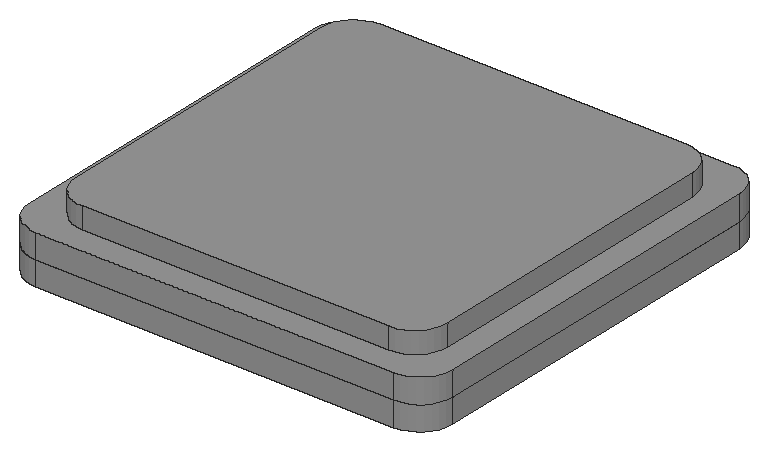
Revit family "FMS2_63_UN_Surface-mounted_ETK", category Lighting Fixtures, Revit 2019 (continued)
Definition of nested family "FMS.2 - Lightsource"
  Types (14, lengths in mm): name | Wattage Comments | Wattage | built-in parameter 1150134 | Photometric Web File | built-in parameter 1150142 | built-in parameter 1150105 | Lumens | built-in parameter 1150107 | built-in parameter 1150106 | Apparent Load
      9.8638\t927.0018\t924.426\t921.564\t918.702\t915.84\r\n912.978\t909.8298\t906.9678\t903.2472\t898.668\t894.375\t889.7958\t885.5028\t881.2098\t876.6306\r\n872.3376\t867.7584\t863.4654\t859.1724\t854.5932\t850.3002\t846.0072\t841.428\t837.135\t832.5558\r\n828.2628\t823.6836\t819.3906\t814.8114\t809.0874\t803.3634\t797.6394\t791.9154\t786.1914\t780.4674\r\n774.4572\t768.7332\t762.723\t756.999\t750.9888\t745.2648\t739.5408\t733.8168\t728.0928\t722.0826\r\n716.3586\t710.9208\t705.1968\t699.1866\t692.8902\t686.0214\t679.1526\t672.2838\t665.415\t658.8324\r\n651.9636\t645.0948\t638.226\t631.3572\t624.4884\t617.6196\t610.7508\t603.882\t597.0132\t590.4306\r\n583.5618\t576.693\t569.8242\t562.9554\t555.5142\t548.073\t540.3456\t532.9044\t525.177\t517.7358\r\n510.0084\t502.281\t494.8398\t487.1124\t479.6712\t471.9438\t464.5026\t456.7752\t449.334\t441.8928\r\n434.1654\t426.7242\t419.283\t411.5556\t403.542\t395.5284\t387.5148\t379.5012\t371.4876\t363.474\r\n355.4604\t347.1606\t339.147\t331.1334\t323.1198\t315.1062\t307.0926\t299.079\t291.0654\t283.0232\r\n275.0382\t267.0246\t259.011\t251.5698\t244.3003\t237.0308\t229.7614\t222.4919\t215.251\t208.0102\r\n200.7407\t193.4998\t186.259\t179.0181\t171.8059\t164.565\t157.3528\t150.1119\t142.8997\t135.6874\r\n128.4752\t121.2343\t109.5287\t96.7928\t84.0569\t71.321\t58.5851\t45.8492\t33.1133\t20.3774\r\n7.6444\t0\t0\t0\t0\t0\t0\t0\t0\t0\r\n0\r\n985.6728\t984.8142\t983.9556\t982.8108\t981.9522\t981.0936\t979.9488\t979.0902\t978.2316\t977.373\r\n976.5144\t975.3696\t974.511\t973.3662\t972.5076\t971.649\t970.5042\t969.6456\t968.787\t967.9284\r\n966.7836\t965.3526\t962.7768\t960.201\t957.339\t954.7632\t951.9012\t949.0392\t946.1772\t943.6014\r\n940.7394\t938.1636\t935.3016\t932.4396\t929.8638\t927.0018\t924.426\t921.564\t918.9882\t916.1262\r\n913.5504\t910.6884\t906.9678\t902.6748\t898.3818\t894.0888\t889.7958\t885.5028\t881.2098\t876.6306\r\n872.3376\t868.0446\t863.4654\t859.1724\t854.8794\t850.5864\t846.0072\t841.7142\t837.4212\t832.842\r\n828.549\t824.256\t819.3906\t813.6666\t807.9426\t802.5048\t796.7808\t791.0568\t785.3328\t779.895\r\n774.171\t768.447\t762.723\t757.2852\t751.5612\t745.8372\t740.1132\t734.3892\t728.6652\t722.9412\r\n717.5034\t711.7794\t706.0554\t699.1866\t692.3178\t685.7352\t678.8664\t671.9976\t665.415\t658.5462\r\n651.6774\t644.8086\t638.226\t631.3572\t624.4884\t617.9058\t611.037\t604.1682\t597.5856\t590.7168\r\n583.848\t577.2654\t570.3966\t562.9554\t555.228\t547.7868\t540.3456\t532.6182\t525.177\t517.4496\r\n510.0084\t502.5672\t494.8398\t487.3986\t479.6712\t472.23\t464.7888\t457.0614\t449.6202\t441.8928\r\n434.4516\t427.0104\t419.283\t411.2694\t403.2558\t395.2422\t387.2286\t379.215\t371.2014\t363.1878\r\n355.1742\t347.1606\t339.147\t331.1334\t323.1198\t315.1062\t307.0926\t299.079\t291.0654\t282.9087\r\n274.8951\t266.8815\t259.4117\t252.1136\t244.8155\t237.4888\t230.1907\t222.9212\t215.6231\t208.325\r\n201.0269\t193.7288\t186.4593\t179.1612\t171.8631\t164.5936\t157.2955\t150.026\t142.7279\t135.4585\r\n128.1604\t119.0878\t106.3233\t93.5874\t80.8229\t68.087\t55.3225\t42.5866\t29.822\t17.0718\r\n4.3245\t0\t0\t0\t0\t0\t0\t0\t0\t0\r\n0\r\n985.6728\t984.8142\t983.9556\t982.8108\t981.9522\t981.0936\t980.235\t979.0902\t978.2316\t977.373\r\n976.5144\t975.6558\t974.7972\t973.6524\t972.7938\t971.9352\t971.0766\t969.9318\t969.0732\t967.9284\r\n967.0698\t965.0664\t962.2044\t959.6286\t957.0528\t954.477\t951.615\t949.0392\t946.4634\t943.8876\r\n941.0256\t938.4498\t935.874\t933.012\t930.4362\t927.5742\t924.9984\t922.1364\t919.2744\t916.6986\r\n913.8366\t910.6884\t906.3954\t902.1024\t897.8094\t893.5164\t889.2234\t884.9304\t880.9236\t876.6306\r\n872.3376\t868.0446\t863.7516\t859.4586\t855.1656\t850.8726\t846.5796\t842.2866\t837.9936\t833.7006\r\n829.4076\t824.8284\t819.1044\t813.3804\t807.9426\t802.2186\t796.4946\t791.0568\t785.3328\t779.6088\r\n774.171\t768.447\t762.723\t757.2852\t751.5612\t745.8372\t740.1132\t734.6754\t728.9514\t723.2274\r\n717.5034\t711.7794\t704.9106\t698.328\t691.7454\t684.8766\t678.294\t671.4252\t664.8426\t658.26\r\n651.3912\t644.8086\t638.226\t631.3572\t624.7746\t617.9058\t611.3232\t604.4544\t597.8718\t591.003\r\n584.4204\t577.5516\t570.1104\t562.383\t554.9418\t547.2144\t539.7732\t532.332\t524.8908\t517.4496\r\n509.7222\t502.281\t494.8398\t487.3986\t479.9574\t472.23\t464.7888\t457.3476\t449.9064\t442.4652\r\n435.024\t427.2966\t419.283\t411.2694\t403.2558\t395.2422\t387.2286\t379.215\t371.2014\t363.1878\r\n355.1742\t347.1606\t339.147\t331.1334\t323.1198\t315.1062\t307.0926\t299.079\t291.0654\t283.1663\r\n275.1527\t267.4539\t260.0986\t252.7718\t245.4451\t238.0898\t230.7631\t223.4363\t216.081\t208.7543\r\n201.4276\t194.1008\t186.7741\t179.4188\t172.0921\t164.7653\t157.4386\t150.1119\t142.7852\t135.4585\r\n128.1317\t116.9986\t104.2054\t91.4123\t78.6478\t65.8546\t53.0615\t40.2683\t27.4981\t14.7164\r\n1.9324\t0\t0\t0\t0\t0\t0\t0\t0\t0\r\n0\r\n985.6728\t984.8142\t983.9556\t982.8108\t981.9522\t981.0936\t980.235\t979.3764\t978.2316\t977.373\r\n976.5144\t975.6558\t974.7972\t973.9386\t972.7938\t971.9352\t971.0766\t970.218\t969.3594\t968.5008\r\n967.6422\t965.0664\t962.4906\t959.9148\t957.0528\t954.477\t951.9012\t949.0392\t946.4634\t943.8876\r\n941.0256\t938.4498\t935.874\t933.2982\t930.4362\t927.8604\t925.2846\t922.7088\t920.133\t917.5572\r\n914.6952\t910.6884\t906.6816\t902.3886\t898.0956\t893.8026\t889.5096\t885.2166\t880.9236\t876.6306\r\n872.3376\t868.0446\t863.7516\t859.4586\t855.4518\t851.1588\t846.8658\t842.5728\t838.2798\t833.9868\r\n829.98\t824.5422\t818.8182\t813.3804\t807.6564\t802.2186\t796.4946\t791.0568\t785.3328\t779.895\r\n774.171\t768.447\t763.0092\t757.2852\t751.8474\t746.1234\t740.3994\t734.9616\t729.2376\t723.7998\r\n718.0758\t711.4932\t704.9106\t698.328\t691.7454\t684.8766\t678.294\t671.7114\t665.1288\t658.26\r\n651.6774\t645.0948\t638.226\t631.6434\t624.7746\t618.192\t611.6094\t604.7406\t598.158\t591.2892\r\n584.7066\t577.2654\t569.8242\t562.383\t554.9418\t547.5006\t540.0594\t532.332\t524.8908\t517.4496\r\n510.0084\t502.5672\t495.126\t487.6848\t480.2436\t472.8024\t465.075\t457.6338\t450.1926\t442.7514\r\n435.3102\t427.2966\t419.283\t411.2694\t403.2558\t395.2422\t387.2286\t379.215\t371.2014\t363.1878\r\n355.1742\t347.1606\t339.147\t331.1334\t323.1198\t315.1062\t307.0926\t299.079\t291.0654\t283.1949\r\n275.1813\t267.7401\t260.3848\t253.058\t245.7027\t238.3474\t230.992\t223.6653\t216.31\t208.9546\r\n201.5993\t194.2726\t186.9172\t179.5619\t172.2065\t164.8798\t157.5245\t150.1691\t142.8138\t135.4871\r\n128.1317\t115.7393\t102.9175\t90.1244\t77.3026\t64.5095\t51.7163\t38.8946\t26.0957\t13.2883\r\n0.4848\t0\t0\t0\t0\t0\t0\t0\t0\t0\r\n0\r\n985.6728\t984.8142\t983.9556\t983.097\t981.9522\t981.0936\t980.235\t979.3764\t978.5178\t977.6592\r\n976.5144\t975.6558\t974.7972\t973.9386\t973.08\t971.9352\t971.0766\t970.218\t969.3594\t968.5008\r\n967.356\t964.7802\t962.2044\t959.6286\t957.0528\t954.477\t951.9012\t949.0392\t946.4634\t943.8876\r\n941.3118\t938.736\t936.1602\t933.2982\t930.7224\t928.1466\t925.5708\t922.995\t920.4192\t917.8434\r\n914.9814\t910.9746\t906.6816\t902.3886\t898.0956\t893.8026\t889.5096\t885.5028\t881.2098\t876.9168\r\n872.6238\t868.3308\t864.0378\t860.031\t855.738\t851.445\t847.152\t842.859\t838.566\t834.5592\r\n830.2662\t824.5422\t819.1044\t813.3804\t807.9426\t802.2186\t796.4946\t791.0568\t785.3328\t779.895\r\n774.171\t768.447\t763.0092\t757.2852\t751.8474\t746.1234\t740.6856\t734.9616\t729.2376\t723.7998\r\n718.0758\t711.4932\t704.9106\t698.328\t691.4592\t684.8766\t678.294\t671.7114\t664.8426\t658.26\r\n651.6774\t645.0948\t638.5122\t631.6434\t625.0608\t618.4782\t611.8956\t605.313\t598.4442\t591.8616\r\n585.279\t577.8378\t570.1104\t562.6692\t555.228\t547.7868\t540.3456\t532.9044\t525.177\t517.7358\r\n510.2946\t502.8534\t495.4122\t487.6848\t480.2436\t472.8024\t465.3612\t457.92\t450.1926\t442.7514\r\n435.3102\t427.2966\t419.283\t411.2694\t403.2558\t395.2422\t387.2286\t379.215\t371.4876\t363.474\r\n355.4604\t347.4468\t339.4332\t331.4196\t323.406\t315.3924\t307.3788\t299.3652\t291.3516\t283.4239\r\n275.4103\t268.0549\t260.6996\t253.3442\t246.0175\t238.6622\t231.3068\t223.9515\t216.5962\t209.2408\r\n201.8855\t194.5301\t187.2034\t179.8481\t172.4927\t165.1374\t157.7821\t150.4267\t143.0714\t135.716\r\n128.3607\t115.5389\t102.6886\t89.8668\t77.0164\t64.1947\t51.3443\t38.5225\t25.675\t12.8361\r\n0\t0\t0\t0\t0\t0\t0\t0\t0\t0\r\n0\r\n985.6728\t984.8142\t983.9556\t983.097\t981.9522\t981.0936\t980.235\t979.3764\t978.5178\t977.373\r\n976.5144\t975.6558\t974.7972\t973.9386\t973.08\t972.2214\t971.0766\t970.218\t969.3594\t968.5008\r\n967.6422\t965.0664\t962.4906\t959.9148\t957.339\t954.477\t951.9012\t949.3254\t946.7496\t943.8876\r\n941.3118\t938.736\t936.1602\t933.2982\t930.7224\t928.1466\t925.5708\t922.995\t920.133\t917.5572\r\n914.9814\t910.9746\t906.6816\t902.3886\t898.0956\t893.8026\t889.5096\t885.2166\t880.9236\t876.6306\r\n872.3376\t868.0446\t863.7516\t859.4586\t855.1656\t850.8726\t846.5796\t842.5728\t838.2798\t833.9868\r\n829.6938\t824.256\t818.8182\t813.0942\t807.6564\t801.9324\t796.4946\t790.7706\t785.3328\t779.895\r\n774.171\t768.7332\t763.0092\t757.5714\t751.8474\t746.4096\t740.6856\t734.9616\t729.5238\t723.7998\r\n718.362\t711.7794\t705.1968\t698.6142\t691.7454\t685.1628\t678.5802\t671.9976\t665.1288\t658.5462\r\n651.9636\t645.381\t638.5122\t631.9296\t625.347\t618.7644\t612.1818\t605.313\t598.7304\t592.1478\r\n585.5652\t578.124\t570.6828\t563.2416\t555.8004\t548.073\t540.6318\t533.1906\t525.4632\t518.022\r\n510.5808\t503.1396\t495.4122\t487.971\t480.5298\t473.0886\t465.3612\t457.92\t450.4788\t443.0376\r\n435.3102\t427.5828\t419.5692\t411.5556\t403.542\t395.5284\t387.5148\t379.5012\t371.7738\t363.7602\r\n355.7466\t347.733\t339.7194\t331.7058\t323.6922\t315.6786\t307.665\t299.9376\t291.924\t283.8532\r\n275.8968\t268.427\t261.0716\t253.7163\t246.361\t239.0056\t231.6503\t224.2949\t216.9396\t209.5843\r\n202.2003\t194.845\t187.4896\t180.1343\t172.7789\t165.4236\t158.0683\t150.7129\t143.3576\t136.0022\r\n128.6469\t116.1972\t103.3468\t90.4678\t77.6174\t64.7671\t51.9167\t39.0663\t26.1987\t13.3426\r\n0.4868\t0\t0\t0\t0\t0\t0\t0\t0\t0\r\n0\r\n985.6728\t984.8142\t983.9556\t983.097\t981.9522\t981.0936\t980.235\t979.3764\t978.5178\t977.6592\r\n976.5144\t975.6558\t974.7972\t973.9386\t973.08\t971.9352\t971.0766\t970.218\t969.3594\t968.2146\r\n967.356\t965.3526\t962.4906\t959.9148\t957.339\t954.7632\t951.9012\t949.3254\t946.7496\t943.8876\r\n941.3118\t938.736\t935.874\t933.2982\t930.4362\t927.8604\t924.9984\t922.4226\t919.8468\t916.9848\r\n914.409\t910.9746\t906.9678\t902.6748\t898.3818\t894.0888\t889.7958\t885.5028\t881.496\t877.203\r\n872.91\t868.617\t864.324\t860.031\t855.738\t851.445\t847.4382\t843.1452\t838.8522\t834.5592\r\n830.5524\t825.9732\t820.2492\t814.5252\t808.8012\t803.0772\t797.3532\t791.6292\t785.9052\t780.4674\r\n774.7434\t769.0194\t763.2954\t757.8576\t752.1336\t746.4096\t740.9718\t735.2478\t729.5238\t724.086\r\n718.362\t712.638\t706.0554\t699.1866\t692.604\t686.0214\t679.1526\t672.57\t665.9874\t659.1186\r\n652.536\t645.6672\t639.0846\t632.502\t625.6332\t619.0506\t612.1818\t605.5992\t598.7304\t592.1478\r\n585.5652\t578.6964\t571.2552\t563.5278\t556.0866\t548.6454\t540.918\t533.4768\t526.0356\t518.3082\r\n510.867\t503.4258\t495.9846\t488.2572\t480.816\t473.3748\t465.6474\t458.2062\t450.765\t443.3238\r\n435.5964\t428.1552\t420.1416\t412.128\t404.1144\t396.1008\t388.0872\t380.0736\t372.06\t364.0464\r\n356.0328\t348.0192\t340.0056\t331.992\t323.9784\t315.9648\t307.9512\t300.2238\t292.2102\t284.1107\r\n276.0971\t268.3984\t261.0716\t253.7163\t246.3896\t239.0629\t231.7075\t224.3808\t217.0541\t209.7274\r\n202.4006\t195.0739\t187.7472\t180.4205\t173.0938\t165.7957\t158.4689\t151.1422\t143.8155\t136.5174\r\n129.1907\t117.9716\t105.064\t92.185\t79.306\t66.3984\t53.5194\t40.6118\t27.7328\t14.8395\r\n1.9487\t0\t0\t0\t0\t0\t0\t0\t0\t0\r\n0\r\n985.6728\t984.8142\t983.9556\t983.097\t981.9522\t981.0936\t980.235\t979.3764\t978.5178\t977.6592\r\n976.5144\t975.6558\t974.7972\t973.6524\t972.7938\t971.9352\t970.7904\t969.9318\t969.0732\t967.9284\r\n967.0698\t965.6388\t963.063\t960.4872\t957.6252\t955.0494\t952.1874\t949.6116\t946.7496\t944.1738\r\n941.598\t938.736\t936.1602\t933.2982\t930.7224\t927.8604\t925.2846\t922.4226\t919.5606\t916.9848\r\n914.1228\t911.2608\t907.5402\t903.2472\t898.9542\t894.6612\t890.3682\t886.0752\t881.496\t877.203\r\n872.91\t868.617\t864.324\t860.031\t855.738\t851.445\t847.152\t842.5728\t838.2798\t833.9868\r\n829.6938\t825.4008\t820.8216\t815.0976\t809.3736\t803.6496\t797.9256\t792.2016\t786.4776\t780.7536\r\n775.0296\t769.3056\t763.5816\t757.8576\t752.1336\t746.4096\t740.6856\t734.9616\t729.2376\t723.5136\r\n717.7896\t712.0656\t706.3416\t699.4728\t692.8902\t686.0214\t679.4388\t672.57\t665.9874\t659.1186\r\n652.536\t645.9534\t639.0846\t632.502\t625.6332\t619.0506\t612.1818\t605.5992\t598.7304\t592.1478\r\n585.279\t578.6964\t571.8276\t564.1002\t556.659\t549.2178\t541.4904\t534.0492\t526.3218\t518.8806\r\n511.1532\t503.712\t495.9846\t488.5434\t481.1022\t473.3748\t465.9336\t458.4924\t450.765\t443.3238\r\n435.8826\t428.1552\t420.4278\t412.4142\t404.4006\t396.387\t388.3734\t380.3598\t372.3462\t364.3326\r\n356.319\t348.3054\t340.578\t332.5644\t324.5508\t316.5372\t308.5236\t300.51\t292.4964\t284.5687\r\n276.6123\t268.6559\t261.1575\t253.8594\t246.5327\t239.2346\t231.9365\t224.6384\t217.3403\t210.0422\r\n202.7441\t195.446\t188.1479\t180.8498\t173.5803\t166.2822\t159.0127\t151.7146\t144.4451\t137.147\r\n129.8776\t120.7192\t107.8115\t94.8753\t81.9391\t69.0314\t56.0952\t43.159\t30.2513\t17.3122\r\n4.3846\t0\t0\t0\t0\t0\t0\t0\t0\t0\r\n0\r\n985.6728\t984.8142\t983.9556\t983.097\t982.2384\t981.3798\t980.235\t979.3764\t978.5178\t977.373\r\n976.5144\t975.6558\t974.511\t973.6524\t972.7938\t971.9352\t970.7904\t969.9318\t969.0732\t967.9284\r\n966.7836\t965.925\t963.6354\t960.7734\t958.1976\t955.3356\t952.7598\t949.8978\t947.0358\t944.46\r\n941.598\t939.0222\t936.1602\t933.2982\t930.7224\t927.8604\t924.9984\t922.1364\t919.2744\t916.4124\r\n913.2642\t910.4022\t907.5402\t903.8196\t899.5266\t895.2336\t890.9406\t886.6476\t882.3546\t877.7754\r\n873.4824\t869.1894\t864.6102\t860.3172\t855.738\t851.445\t846.8658\t842.5728\t838.2798\t833.7006\r\n829.4076\t825.1146\t820.8216\t816.2424\t810.8046\t805.0806\t799.3566\t793.6326\t787.6224\t781.8984\r\n775.8882\t770.1642\t764.154\t758.43\t752.706\t746.6958\t740.9718\t734.9616\t729.2376\t723.2274\r\n717.5034\t711.4932\t705.7692\t700.0452\t693.7488\t686.88\t680.0112\t673.4286\t666.5598\t659.691\r\n652.8222\t645.9534\t639.0846\t632.502\t625.6332\t618.7644\t611.8956\t605.313\t598.4442\t591.5754\r\n584.9928\t578.124\t571.2552\t564.6726\t557.2314\t549.7902\t542.0628\t534.6216\t526.8942\t519.1668\r\n511.7256\t503.9982\t496.2708\t488.8296\t481.1022\t473.661\t465.9336\t458.4924\t450.765\t443.0376\r\n435.5964\t427.869\t420.4278\t412.7004\t404.6868\t396.6732\t388.6596\t380.646\t372.6324\t364.6188\r\n356.6052\t348.5916\t340.8642\t332.8506\t324.837\t316.8234\t308.8098\t301.0824\t293.0688\t285.0838\r\n277.1561\t269.2283\t261.3006\t253.888\t246.6185\t239.3204\t232.0223\t224.7529\t217.4548\t210.1853\r\n202.9158\t195.6749\t188.4055\t181.136\t173.8951\t166.6543\t159.4134\t152.1725\t144.9317\t137.6908\r\n130.4786\t123.2377\t111.3604\t98.3956\t85.4593\t72.5231\t59.5582\t46.622\t33.6571\t20.7209\r\n7.7732\t0\t0\t0\t0\t0\t0\t0\t0\t0\r\n0\r\n985.6728\t984.8142\t983.9556\t983.097\t982.2384\t981.3798\t980.235\t979.3764\t978.5178\t977.373\r\n976.5144\t975.6558\t974.7972\t973.6524\t972.7938\t971.9352\t970.7904\t969.6456\t968.787\t967.6422\r\n966.4974\t965.3526\t964.2078\t961.3458\t958.77\t955.908\t953.3322\t950.4702\t947.8944\t945.0324\r\n942.1704\t939.3084\t936.1602\t933.2982\t930.4362\t927.5742\t924.7122\t921.8502\t918.9882\t916.1262\r\n912.978\t910.116\t907.254\t904.1058\t900.9576\t896.3784\t891.7992\t887.22\t882.927\t878.3478\r\n874.0548\t869.4756\t865.1826\t860.8896\t856.3104\t851.7312\t847.152\t842.5728\t837.9936\t833.4144\r\n828.8352\t823.9698\t819.3906\t814.8114\t810.2322\t805.3668\t799.6428\t793.6326\t787.9086\t781.8984\r\n776.1744\t770.4504\t764.4402\t758.7162\t752.9922\t746.982\t741.258\t735.2478\t729.2376\t723.2274\r\n717.2172\t711.4932\t705.483\t699.4728\t693.4626\t687.4524\t681.156\t674.2872\t667.4184\t660.5496\r\n653.6808\t646.812\t639.9432\t632.7882\t625.9194\t619.0506\t612.1818\t605.313\t598.4442\t591.5754\r\n584.9928\t578.124\t571.2552\t564.3864\t557.5176\t550.6488\t543.2076\t535.4802\t527.7528\t520.0254\r\n512.5842\t504.8568\t497.1294\t489.402\t481.6746\t473.9472\t466.2198\t458.4924\t451.0512\t443.3238\r\n435.5964\t427.869\t420.4278\t412.7004\t405.2592\t397.5318\t389.5182\t381.5046\t373.491\t365.4774\r\n357.4638\t349.4502\t341.4366\t333.423\t325.4094\t317.3958\t309.3822\t301.6548\t293.6412\t285.6276\r\n277.6712\t269.7435\t261.8158\t253.9166\t246.3323\t239.0915\t231.8506\t224.6384\t217.4261\t210.2139\r\n203.0303\t195.818\t188.6344\t181.4508\t174.2672\t167.1122\t159.9286\t152.7736\t145.5899\t138.4349\r\n131.2799\t124.1249\t116.0255\t103.032\t90.0385\t77.045\t64.0802\t51.0867\t38.0932\t25.1026\r\n12.1148\t0\t0\t0\t0\t0\t0\t0\t0\t0\r\n0\r\n985.6728\t984.8142\t983.9556\t983.097\t982.2384\t981.3798\t980.5212\t979.3764\t978.5178\t977.6592\r\n976.8006\t975.6558\t974.7972\t973.9386\t972.7938\t971.9352\t970.7904\t969.6456\t968.2146\t967.0698\r\n965.925\t964.7802\t963.6354\t962.4906\t959.9148\t957.0528\t954.1908\t951.0426\t948.1806\t945.3186\r\n942.4566\t939.5946\t936.7326\t933.8706\t931.0086\t927.8604\t924.9984\t921.8502\t918.702\t915.5538\r\n912.4056\t909.2574\t906.1092\t903.2472\t900.099\t896.9508\t893.2302\t888.651\t884.0718\t879.4926\r\n874.6272\t870.048\t865.4688\t860.8896\t856.0242\t851.445\t846.8658\t842.2866\t837.4212\t832.842\r\n828.549\t823.9698\t819.3906\t814.5252\t809.6598\t805.0806\t800.2152\t795.3498\t789.6258\t783.3294\r\n777.3192\t771.0228\t765.0126\t759.2886\t753.2784\t747.2682\t741.258\t735.2478\t729.2376\t722.9412\r\n716.931\t710.6346\t704.6244\t698.6142\t692.3178\t686.3076\t680.2974\t674.2872\t668.277\t661.4082\r\n654.5394\t647.6706\t640.8018\t633.6468\t626.4918\t619.3368\t612.468\t605.313\t598.4442\t591.2892\r\n584.4204\t577.5516\t570.6828\t563.814\t
